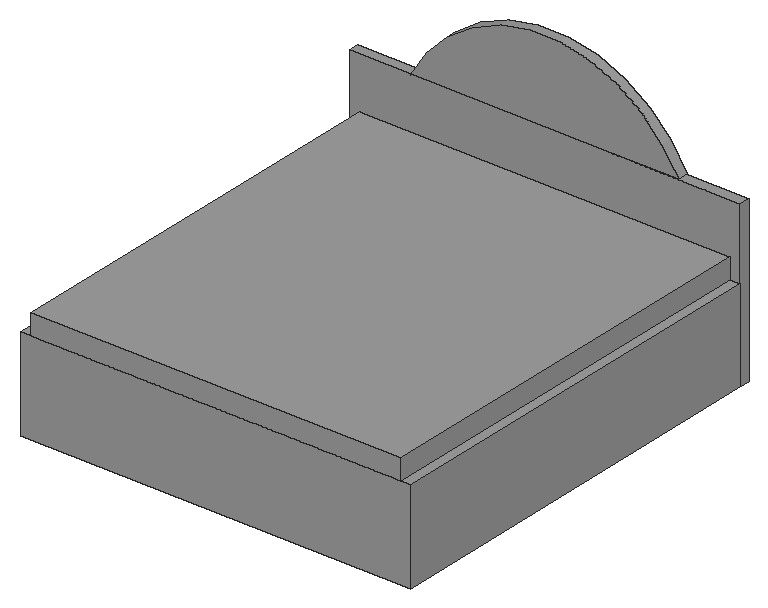
Revit family "Bed", category 家具, Revit 2025
Family settings
  OmniClass 编号 = 23.40.20.00
  OmniClass 标题 = General Furniture and Specialties
  基于工作平面 = 否
  视图中启用分割 = 否
  总是垂直 = 是
  载入时剪切的空心 = 否
  渲染外观源 = 族几何图形
  共享 = 否
  房间计算点 = 否
Parameters (values of type "Bed")
  默认高程 = 0 mm
  TwoCabinets = no
Types (3, lengths in mm): name | TwoCabinets
  TwoCabs_Bed | yes
  Only_Bed | no
  Bed | no
Reference planes
  plane 1 "中心(前/后)": y = 0
  plane 2: z = 0
  plane 3 "中心(左/右)": x = 0
  plane 4: x = 950
  plane 5: x = -950
  plane 6: y = 1000
  plane 7: y = -1000
  plane 8: x = -900
  plane 9: x = 900
  plane 10: y = 1050
  plane 11: z = 1200
  plane 12: x = -650
  plane 13: x = 650
Forms (mm)
  Extrusion 1, solid, material "默认墙"
    sketch origin (0, 0, 0) x (1, 0, 0) y (0, 1, 0)
      loop
        line (-950, 1000) -> (-950, -1000) -> (950, -1000) -> (950, 1000) -> (-950, 1000)
    from 0 to 450
  Extrusion 2, solid, material "默认墙"
    sketch origin (0, 0, 0) x (1, 0, 0) y (0, 1, 0)
      loop
        line (-900, 1000) -> (-900, -1000) -> (900, -1000) -> (900, 1000) -> (-900, 1000)
    from 450 to 550
  Extrusion 3, solid, material "默认墙"
    sketch origin (0, 0, 0) x (1, 0, 0) y (0, 1, 0)
      loop
        line (-950, 1050) -> (-950, 1000) -> (950, 1000) -> (950, 1050) -> (-950, 1050)
    from 0 to 800
  Extrusion 4, solid, material "默认墙"
    sketch origin (0, 0, 0) x (1, 0, 0) y (0, 0, 1)
      loop
        line (-650, 800) -> (650, 800)
        arc (650, 800) -> (0, 1200) -> (-650, 800) r 728.125
    from -1000 to -1050
Dimensions and locks
  Extrusion 1 to Extrusion 1 = 450 mm
  Extrusion 2 to Extrusion 2 = 100 mm
  plane 5 to plane 8 = 50 mm
  aligned and locked: level to plane 2
Nested families
  nested 1: "Cabinet" at (-1270, 860, 0), visible <- "TwoCabinets", type "Cabinet"
  nested 2: "Cabinet" at (1270, 860, 0), visible <- "TwoCabinets", type "Cabinet"
Definition of nested family "Cabinet"
  Parameters
    Default Elevation = 0 mm
  Reference planes
    plane 1 "中心(前/后)": y = 0
    plane 2: z = 0
    plane 3 "中心(左/右)": x = 0
    plane 4: x = 270
    plane 5: x = -270
    plane 6: y = 197
    plane 7: y = -197
    plane 8: x = -320
    plane 9: x = 320
    plane 10: y = -247
  Forms (mm)
    Extrusion 1, solid
      sketch origin (0, 0, 0) x (1, 0, 0) y (0, 1, 0)
        loop
          line (-270, 197) -> (-270, -197) -> (270, -197) -> (270, 197) -> (-270, 197)
      from 0 to 600
    Extrusion 2, solid
      sketch origin (0, 0, 0) x (1, 0, 0) y (0, 1, 0)
        loop
          line (-320, 197) -> (-320, -247) -> (-270, -247) -> (-270, 197) -> (-320, 197)
        loop
          line (270, 197) -> (270, -247) -> (320, -247) -> (320, 197) -> (270, 197)
      from 0 to 650
  Dimensions and locks
    aligned and locked: level to plane 2
